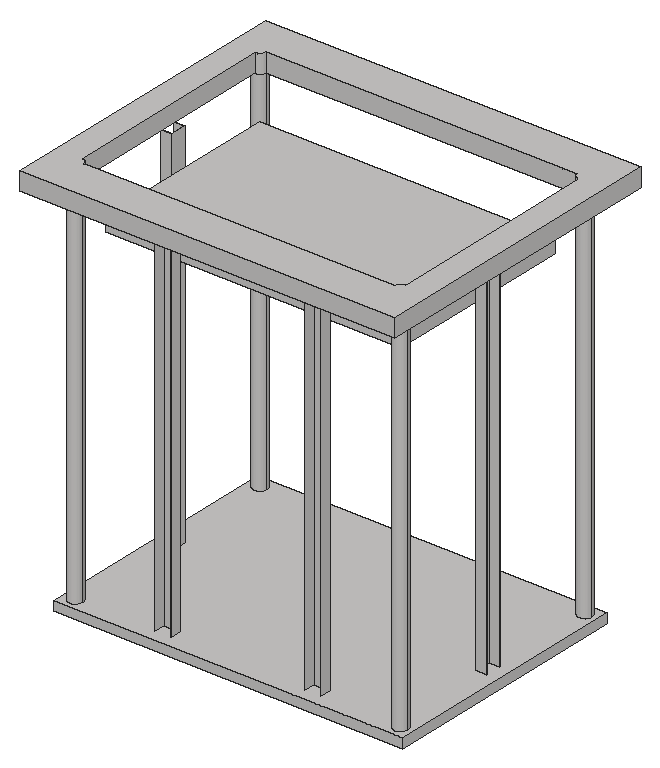
Revit family "QF_BOURGEAT_silo_encastrable_modele_plateaux", category Equipement spécialisé, Revit 2015
Parameters
  URL catalogue = "http://www.bourgeat.fr"
  URL = ""
  Type article = ""
  Spécification du Fabricant = "SILOS A NIVEAU CONSTANT ENCASTRABLE"
  Profondeur hors tout = 578 mm
  Poids net à vide = 13.00 kg
  Modèle = "777930"
  Longueur hors tout = 673 mm
  Hauteur hors tout = 722 mm
  Fabricant = "BOURGEAT"
  Contact SAV = "0033(0)4.73.32.14.44"
  Charge max = 120.00 kg
Reference planes
  plane 1 "Centre (avant/arrière)": y = 0
  plane 2: z = 0
  plane 3 "Centre (gauche/droite)": x = 0
  plane 4: y = 229
  plane 5: y = -229
  plane 6: x = 314
  plane 7: x = -314
  plane 8: z = 17
  plane 9: z = 721
  plane 10: x = 336.5
  plane 11: x = -336.5
  plane 12: y = 276
  plane 13: y = -276
  plane 14: z = 688.5
  plane 15: y = 205
  plane 16: y = -205
  plane 17: x = 290
  plane 18: x = -290
  plane 19: y = 194
  plane 20: x = -279
  plane 21: y = 194
  plane 22: x = 279
  plane 23: x = 279
  plane 24: y = -194
  plane 25: x = -279
  plane 26: y = -194
  plane 27: y = 207
  plane 28: y = 207
  plane 29: x = -292
  plane 30: x = 292
  plane 31: x = 292
  plane 32: y = -207
  plane 33: y = -207
  plane 34: x = -292
  plane 35: x = -272.5
  plane 36: x = -149.5
  plane 37: x = 149.5
  plane 38: y = -187.5
  plane 39: y = 15
  plane 40: y = 15
  plane 41: y = -15
  plane 42: x = -119.5
  plane 43: x = 119.5
  plane 44: y = -15
  plane 45: x = 272.5
  plane 46: y = -207.3
  plane 47: y = -207.3
  plane 48: x = 292.3
  plane 49: x = -292.3
  plane 50: y = 172.5
  plane 51: y = -172.5
  plane 52: x = 265
  plane 53: x = -265
  plane 54: z = 602.583
  plane 55: z = 628.183
Forms (mm)
  Extrusion 1, solid, material "Acier inoxydable, brossé"
    sketch origin (0, 0, 0) x (1, 0, 0) y (0, 1, 0)
      loop
        line (-314, 229) -> (-314, -229) -> (314, -229) -> (314, 229) -> (-314, 229)
    from 0 to 17
  Extrusion 2, solid, material "Acier inoxydable, brossé"
    sketch origin (0, 0, 0) x (1, 0, 0) y (0, 1, 0)
      loop
        line (-336.5, 276) -> (-336.5, -276) -> (336.5, -276) -> (336.5, 276) -> (-336.5, 276)
    from 688.5 to 721
  Extrusion 3, void
    sketch origin (0, 0, 0) x (1, 0, 0) y (0, 1, 0)
      loop
        arc (-279, 205) -> (-282.58, 197.58) -> (-290, 194) r 12.5
        line (-290, 194) -> (-290, -194)
        arc (-290, -194) -> (-282.58, -197.58) -> (-279, -205) r 12.5
        line (-279, -205) -> (279, -205)
        arc (279, -205) -> (282.58, -197.58) -> (290, -194) r 12.5
        line (290, -194) -> (290, 194)
        arc (290, 194) -> (282.58, 197.58) -> (279, 205) r 12.5
        line (279, 205) -> (-279, 205)
    from 471.283 to 1028.096
  Extrusion 4, solid, material "Acier inoxydable, brossé"
    sketch origin (0, 0, 0) x (1, 0, 0) y (0, 1, 0)
      loop
        circle (-292, -207) r 12.5
      loop
        circle (-292, 207) r 12.5
      loop
        circle (292, 207) r 12.5
      loop
        circle (292, -207) r 12.5
    from 17 to 688.5
  Extrusion 5, solid, material "Acier inoxydable, brossé"
    sketch origin (0, 0, 0) x (1, 0, 0) y (0, 1, 0)
      loop
        line (-292.3, 15) -> (-292.3, 14) -> (-273.5, 14) -> (-273.5, -14) -> (-292.3, -14) -> (-292.3, -15) -> (-272.5, -15) -> (-272.5, 15) -> (-292.3, 15)
      loop
        line (-149.5, -207.3) -> (-148.5, -207.3) -> (-148.5, -188.5) -> (-120.5, -188.5) -> (-120.5, -207.3) -> (-119.5, -207.3) -> (-119.5, -187.5) -> (-149.5, -187.5) -> (-149.5, -207.3)
      loop
        line (119.5, -207.3) -> (120.5, -207.3) -> (120.5, -188.5) -> (148.5, -188.5) -> (148.5, -207.3) -> (149.5, -207.3) -> (149.5, -187.5) -> (119.5, -187.5) -> (119.5, -207.3)
      loop
        line (292.3, 15) -> (272.5, 15) -> (272.5, -15) -> (292.3, -15) -> (292.3, -14) -> (273.5, -14) -> (273.5, 14) -> (292.3, 14) -> (292.3, 15)
    from 17 to 688.5
  Extrusion 6, solid, material "Acier inoxydable, brossé"
    sketch origin (0, 0, 0) x (1, 0, 0) y (0, 1, 0)
      loop
        line (-265, 172.5) -> (-265, -172.5) -> (265, -172.5) -> (265, 172.5) -> (-265, 172.5)
    from 602.583 to 628.183
Cuts and joins
  Extrusion 3 cuts Extrusion 1
  Extrusion 3 cuts Extrusion 2
Dimensions and locks
  plane 9 to plane 2 = 721 mm
  locked: plane 8 to plane 2 at 17
  plane 11 to plane 10 = 673 mm
  locked: plane 9 to plane 54 at 118.417
  aligned and locked: level to plane 2
  aligned and locked: Extrusion 1 sketch curve to plane 4
  aligned and locked: Extrusion 1 sketch curve to plane 7
  aligned and locked: Extrusion 1 sketch curve to plane 5
  aligned and locked: Extrusion 1 sketch curve to plane 6
  aligned and locked: plane 8 to Extrusion 1
  aligned and locked: Extrusion 2 sketch curve to plane 12
  aligned and locked: Extrusion 2 sketch curve to plane 11
  aligned and locked: Extrusion 2 sketch curve to plane 13
  aligned and locked: Extrusion 2 sketch curve to plane 10
  aligned and locked: plane 9 to Extrusion 2
  aligned and locked: Extrusion 2 to plane 14
  aligned and locked: Extrusion 3 sketch curve to plane 15
  aligned and locked: Extrusion 3 sketch curve to plane 18
  aligned and locked: Extrusion 3 sketch curve to plane 16
  aligned and locked: Extrusion 3 sketch curve to plane 17
  aligned and locked: plane 14 to Extrusion 4
  aligned and locked: Extrusion 4 to plane 8
  aligned and locked: Extrusion 5 sketch curve to plane 39
  aligned and locked: Extrusion 5 sketch curve to plane 35
  aligned and locked: plane 41 to Extrusion 5 sketch curve
  aligned and locked: plane 49 to Extrusion 5 sketch curve
  aligned and locked: Extrusion 5 sketch curve to plane 36
  aligned and locked: Extrusion 5 sketch curve to plane 38
  aligned and locked: plane 42 to Extrusion 5 sketch curve
  aligned and locked: Extrusion 5 sketch curve to plane 37
  aligned and locked: plane 47 to Extrusion 5 sketch curve
  aligned and locked: Extrusion 5 sketch curve to plane 47
  aligned and locked: plane 40 to Extrusion 5 sketch curve
  aligned and locked: Extrusion 5 sketch curve to plane 45
  aligned and locked: plane 44 to Extrusion 5 sketch curve
  aligned and locked: plane 48 to Extrusion 5 sketch curve
  aligned and locked: Extrusion 5 sketch curve to plane 48
  aligned and locked: plane 14 to Extrusion 5
  aligned and locked: Extrusion 5 to plane 8
  aligned and locked: Extrusion 6 sketch curve to plane 50
  aligned and locked: Extrusion 6 sketch curve to plane 53
  aligned and locked: Extrusion 6 sketch curve to plane 51
  aligned and locked: Extrusion 6 sketch curve to plane 52
  aligned and locked: plane 55 to Extrusion 6
  aligned and locked: Extrusion 6 to plane 54
